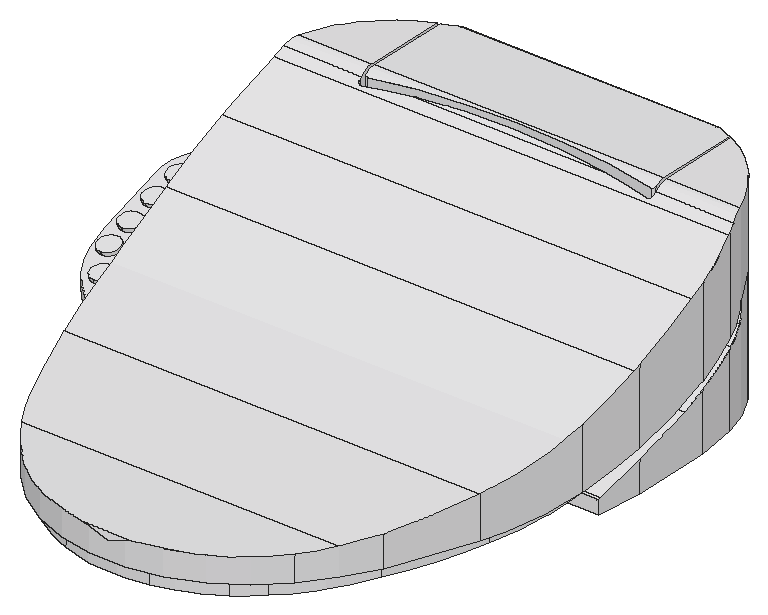
Revit family "Bidet_Seat-Elongated_Closed_Front-Cleansing-KOHLER-C3-300-K-23360T_1", category Plumbing Fixtures, host Face, Revit 2017 (continued)
Definition of nested family "K-23360T"
  Lines and regions (in)
    symbolic lines, detail levels medium+fine
      curve 107: spline (-8.20952, 0, 2.5353) -> (-8.30123, 0, 2.53279) -> (-8.38669, 0, 2.52541) -> (-8.46007, 0, 2.51368) -> (-8.51638, 0, 2.49838) -> (-8.55178, 0, 2.48058) -> (-8.56385, 0, 2.46147) -> (-8.55178, 0, 2.44236) -> (-8.51638, 0, 2.42455) -> (-8.46007, 0, 2.40926) -> (-8.38669, 0, 2.39753) -> (-8.30123, 0, 2.39015) -> (-8.20952, 0, 2.38763)
      curve 108: spline (-8.20952, 0, 2.38763) -> (-8.11782, 0, 2.39015) -> (-8.03236, 0, 2.39753) -> (-7.95897, 0, 2.40926) -> (-7.90266, 0, 2.42455) -> (-7.86727, 0, 2.44236) -> (-7.85519, 0, 2.46147) -> (-7.86727, 0, 2.48058) -> (-7.90266, 0, 2.49838) -> (-7.95897, 0, 2.51368) -> (-8.03236, 0, 2.52541) -> (-8.11782, 0, 2.53279) -> (-8.20952, 0, 2.5353)
      curve 109: spline (-8.16031, 0, 2.16203) -> (-8.0686, 0, 2.16455) -> (-7.98315, 0, 2.17192) -> (-7.90976, 0, 2.18366) -> (-7.85345, 0, 2.19895) -> (-7.81805, 0, 2.21676) -> (-7.80598, 0, 2.23587) -> (-7.81805, 0, 2.25497) -> (-7.85345, 0, 2.27278) -> (-7.90976, 0, 2.28807) -> (-7.98315, 0, 2.29981) -> (-8.0686, 0, 2.30718) -> (-8.16031, 0, 2.3097)
      curve 110: spline (-8.16031, 0, 2.3097) -> (-8.25202, 0, 2.30718) -> (-8.33748, 0, 2.29981) -> (-8.41086, 0, 2.28807) -> (-8.46717, 0, 2.27278) -> (-8.50257, 0, 2.25497) -> (-8.51464, 0, 2.23587) -> (-8.50257, 0, 2.21676) -> (-8.46717, 0, 2.19895) -> (-8.41086, 0, 2.18366) -> (-8.33748, 0, 2.17192) -> (-8.25202, 0, 2.16455) -> (-8.16031, 0, 2.16203)
      curve 111: spline (-8.98388, 0, 1.96045) -> (-8.89217, 0, 1.96297) -> (-8.80671, 0, 1.97034) -> (-8.73333, 0, 1.98208) -> (-8.67702, 0, 1.99737) -> (-8.64162, 0, 2.01517) -> (-8.62954, 0, 2.03428) -> (-8.64162, 0, 2.05339) -> (-8.67702, 0, 2.0712) -> (-8.73333, 0, 2.08649) -> (-8.80671, 0, 2.09823) -> (-8.89217, 0, 2.1056) -> (-8.98388, 0, 2.10812)
      curve 112: spline (-8.98388, 0, 2.10812) -> (-9.07558, 0, 2.1056) -> (-9.16104, 0, 2.09823) -> (-9.23443, 0, 2.08649) -> (-9.29074, 0, 2.0712) -> (-9.32613, 0, 2.05339) -> (-9.33821, 0, 2.03428) -> (-9.32613, 0, 2.01517) -> (-9.29074, 0, 1.99737) -> (-9.23443, 0, 1.98208) -> (-9.16104, 0, 1.97034) -> (-9.07558, 0, 1.96297) -> (-8.98388, 0, 1.96045)
      curve 113: spline (-8.44254, 0, 1.90047) -> (-8.53424, 0, 1.89796) -> (-8.6197, 0, 1.89058) -> (-8.69309, 0, 1.87885) -> (-8.7494, 0, 1.86356) -> (-8.78479, 0, 1.84575) -> (-8.79687, 0, 1.82664) -> (-8.78479, 0, 1.80753) -> (-8.7494, 0, 1.78972) -> (-8.69309, 0, 1.77443) -> (-8.6197, 0, 1.7627) -> (-8.53424, 0, 1.75532) -> (-8.44254, 0, 1.75281)
      curve 114: spline (-8.44254, 0, 1.75281) -> (-8.35083, 0, 1.75532) -> (-8.26537, 0, 1.7627) -> (-8.19199, 0, 1.77443) -> (-8.13568, 0, 1.78972) -> (-8.10028, 0, 1.80753) -> (-8.08821, 0, 1.82664) -> (-8.10028, 0, 1.84575) -> (-8.13568, 0, 1.86356) -> (-8.19199, 0, 1.87885) -> (-8.26537, 0, 1.89058) -> (-8.35083, 0, 1.89796) -> (-8.44254, 0, 1.90047)
      curve 115: spline (-8.1111, 0, 2.09435) -> (-8.20281, 0, 2.09183) -> (-8.28826, 0, 2.08446) -> (-8.36165, 0, 2.07273) -> (-8.41796, 0, 2.05743) -> (-8.45336, 0, 2.03963) -> (-8.46543, 0, 2.02052) -> (-8.45336, 0, 2.00141) -> (-8.41796, 0, 1.9836) -> (-8.36165, 0, 1.96831) -> (-8.28826, 0, 1.95658) -> (-8.20281, 0, 1.9492) -> (-8.1111, 0, 1.94668)
      curve 116: spline (-8.1111, 0, 1.94668) -> (-8.01939, 0, 1.9492) -> (-7.93393, 0, 1.95658) -> (-7.86055, 0, 1.96831) -> (-7.80424, 0, 1.9836) -> (-7.76884, 0, 2.00141) -> (-7.75677, 0, 2.02052) -> (-7.76884, 0, 2.03963) -> (-7.80424, 0, 2.05743) -> (-7.86055, 0, 2.07273) -> (-7.93393, 0, 2.08446) -> (-8.01939, 0, 2.09183) -> (-8.1111, 0, 2.09435)
      curve 117: line (-8.08821, 0, 1.82664) -> (-8.08821, 0, 1.64462)
      curve 118: line (-8.79687, 0, 1.82664) -> (-8.79687, 0, 1.64462)
      curve 119: spline (-8.08821, 0, 1.64462) -> (-8.10028, 0, 1.62551) -> (-8.13568, 0, 1.60771) -> (-8.19199, 0, 1.59241) -> (-8.26537, 0, 1.58068) -> (-8.35083, 0, 1.57331) -> (-8.44254, 0, 1.57079) -> (-8.53424, 0, 1.57331) -> (-8.6197, 0, 1.58068) -> (-8.69309, 0, 1.59241) -> (-8.7494, 0, 1.60771) -> (-8.78479, 0, 1.62551) -> (-8.79687, 0, 1.64462)
      curve 120: line (-7.75677, 0, 2.02052) -> (-7.75677, 0, 1.82367)
      curve 121: line (-8.46543, 0, 2.02052) -> (-8.46543, 0, 1.90032)
      curve 122: line (-8.62954, 0, 2.03428) -> (-8.62954, 0, 1.88935)
      curve 123: line (-9.33821, 0, 2.03428) -> (-9.33821, 0, 1.83743)
      curve 124: line (-9.43663, 0, 2.24963) -> (-9.43663, 0, 2.08733)
      curve 125: line (-8.72797, 0, 2.24963) -> (-8.72797, 0, 2.08733)
      curve 126: line (-8.51464, 0, 2.23587) -> (-8.51464, 0, 2.08733)
      curve 127: line (-7.80598, 0, 2.23587) -> (-7.80598, 0, 2.08733)
      curve 128: line (-8.56385, 0, 2.46147) -> (-8.56385, 0, 2.32816)
      curve 129: line (-7.85519, 0, 2.46147) -> (-7.85519, 0, 2.30752)
      curve 130: line (-8.77718, 0, 2.47523) -> (-8.77718, 0, 2.32816)
      curve 131: line (-9.48584, 0, 2.47523) -> (-9.48584, 0, 2.32816)
      curve 132: line (-9.48584, 0, 2.69058) -> (-9.48584, 0, 2.57719)
      curve 133: line (-8.77718, 0, 2.69058) -> (-8.77718, 0, 2.53567)
      curve 134: line (-8.56385, 0, 2.89216) -> (-8.56385, 0, 2.75707)
      curve 135: line (-7.85519, 0, 2.89216) -> (-7.85519, 0, 2.75707)
      curve 136: line (-7.85519, 0, 2.68707) -> (-7.85519, 0, 2.53567)
      curve 137: line (-8.56385, 0, 2.68707) -> (-8.56385, 0, 2.53567)
      curve 138: arc (-7.63931, 0, 3.06872) -> (-7.49099, 0, 2.67386) -> (-7.23606, 0, 2.33782) r 1.46101
      curve 139: line (-7.63931, 0, 3.06872) -> (-7.63931, 0, 2.47817)
      curve 140: arc (-7.63931, 0, 2.47817) -> (-7.63346, 0, 2.10397) -> (-7.61595, 0, 1.73013) r 11.98999
      curve 141: arc (-7.61595, 0, 1.73013) -> (-7.60006, 0, 1.54412) -> (-7.57571, 0, 1.35902) r 4.09671
      curve 142: line (-7.65748, 0, 1.00958) -> (-7.13563, 0, 0.9455)
      curve 143: arc (-7.40405, 0, 0.97846) -> (-7.24557, 0, 0.85672) -> (-7.0522, 0, 0.8063) r 0.50301
      curve 144: arc (-5.84394, 0, 0.89897) -> (-6.4449, 0, 0.91825) -> (-7.04595, 0, 0.93431) r 112.30857
      curve 145: arc (-7.04595, 0, 0.93431) -> (-7.09107, 0, 0.93766) -> (-7.13563, 0, 0.9455) r 0.4519
      curve 146: arc (7.75464, 0, 1.73987) -> (7.68115, 0, 1.50237) -> (7.57645, 0, 1.27687) r 1.84847
      curve 147: line (0, -20.55702, 1.06264) -> (0, -18.50652, 1.06264)
      curve 148: arc (0, -18.50652, 1.06264) -> (0, -16.55239, 1.106) -> (0, -14.60211, 1.23599) r 44.05791
      curve 149: arc (0, -14.60211, 1.23599) -> (0, -13.10896, 1.3729) -> (0, -11.61657, 1.5179) r 277.15473
      curve 150: arc (0, -11.61657, 1.5179) -> (0, -10.86968, 1.61604) -> (0, -10.13033, 1.76042) r 12.11408
      curve 151: arc (0, -10.13033, 1.76042) -> (0, -8.35233, 2.1773) -> (0, -6.57977, 2.61675) r 143.61822
      curve 152: arc (0, -6.57977, 2.61675) -> (0, -5.87991, 2.78842) -> (0, -5.17713, 2.94769) r 40.76476
      curve 153: arc (0, -5.17713, 2.94769) -> (0, -3.83625, 3.32166) -> (0, -2.54763, 3.84823) r 12.01411
      curve 154: arc (0, -2.54763, 3.84823) -> (0, -2.31862, 3.96109) -> (0, -2.09239, 4.07942) r 10.6303
      curve 155: arc (0, -2.09239, 4.07942) -> (0, -1.69592, 4.42342) -> (0, -1.48443, 4.90384) r 1.19876
      curve 156: arc (0, -1.48443, 4.90384) -> (0, -1.4424, 5.15122) -> (0, -1.41311, 5.40044) r 4.88846
      curve 157: arc (0, -1.41311, 5.40044) -> (0, -1.40726, 5.49442) -> (0, -1.40686, 5.58859) r 1.62134
      curve 158: arc (0, -1.40686, 5.58859) -> (0, -1.40827, 5.70164) -> (0, -1.40685, 5.81469) r 4.52807
      curve 159: line (0, -0.29386, 5.78302) -> (0, -2.7649, 5.78302)
      curve 160: arc (0, -2.7649, 5.78302) -> (0, -3.50097, 5.67819) -> (0, -4.17852, 5.37205) r 2.63671
      curve 161: arc (0, -4.17852, 5.37205) -> (0, -5.05227, 4.80818) -> (0, -5.91776, 4.23172) r 71.76511
      curve 162: arc (0, -5.91776, 4.23172) -> (0, -7.61914, 3.2638) -> (0, -9.44968, 2.57048) r 12.62678
      curve 163: arc (0, -9.44968, 2.57048) -> (0, -10.81781, 2.2121) -> (0, -12.204, 1.93162) r 25.01177
      curve 164: arc (0, -12.204, 1.93162) -> (0, -13.42985, 1.74432) -> (0, -14.66213, 1.60558) r 31.39964
      curve 165: arc (0, -14.66213, 1.60558) -> (0, -15.98788, 1.49158) -> (0, -17.31502, 1.3951) r 100.80254
      curve 166: arc (0, -17.31502, 1.3951) -> (0, -18.18538, 1.34671) -> (0, -19.05656, 1.3165) r 41.76877
      curve 167: arc (0, -19.05656, 1.3165) -> (0, -19.72903, 1.30252) -> (0, -20.40158, 1.29316) r 97.79012
      curve 168: line (0, -20.44785, 1.11369) -> (0, -20.40001, 1.29925)
      curve 169: line (0, -20.37072, 1.33268) -> (0, -20.16243, 1.54096)
      curve 170: arc (0, -20.40001, 1.29925) -> (0, -20.38934, 1.31945) -> (0, -20.37072, 1.33268) r 0.04934
      curve 171: arc (0, -20.47757, 1.07381) -> (0, -20.45879, 1.09083) -> (0, -20.44785, 1.11369) r 0.06569
      curve 172: line (0, -0.87169, 0.39921) -> (0, -0.89842, 0.70472)
      curve 173: line (0, -1.1676, 0.39921) -> (0, -1.19433, 0.70472)
      curve 174: spline (0, -1.19433, 0.70472) -> (0, -1.18928, 0.77824) -> (0, -1.1745, 0.84675) -> (0, -1.15099, 0.90558) -> (0, -1.12035, 0.95072) -> (0, -1.08466, 0.9791) -> (0, -1.04637, 0.98878) -> (0, -1.00808, 0.9791) -> (0, -0.97239, 0.95072) -> (0, -0.94175, 0.90558) -> (0, -0.91824, 0.84675) -> (0, -0.90346, 0.77824) -> (0, -0.89842, 0.70472)
      curve 175: line (0, -11.87895, 0.93336) -> (0, -3.72538, 2.81576)
      curve 176: line (0, -11.87895, 1.27729) -> (0, -11.87895, 0.93336)
      curve 177: line (0, -3.72538, 3.15969) -> (0, -4.92287, 2.88323)
      curve 178: line (0, -3.72538, 2.81576) -> (0, -3.72538, 3.15969)
      curve 179: line (0, -4.9405, 2.966) -> (0, -5.63361, 2.81833)
      curve 180: line (0, -5.61347, 2.7238) -> (0, -5.63361, 2.81833)
      curve 181: line (0, -4.92287, 2.88323) -> (0, -4.9405, 2.966)
      curve 182: line (0, -6.57263, 2.50236) -> (0, -6.87518, 2.43251)
      curve 183: line (0, -5.61347, 2.7238) -> (0, -5.88203, 2.66179)
      curve 184: line (0, -6.57263, 2.50236) -> (0, -6.59117, 2.58936)
      curve 185: line (0, -5.88203, 2.66179) -> (0, -5.90315, 2.7609)
      curve 186: line (0, -5.90315, 2.7609) -> (0, -6.59117, 2.58936)
      curve 187: line (0, -7.62939, 2.25838) -> (0, -7.92923, 2.18916)
      curve 188: line (0, -6.87518, 2.43251) -> (0, -6.89964, 2.52952)
      curve 189: line (0, -7.62939, 2.25838) -> (0, -7.6506, 2.3444)
      curve 190: line (0, -6.89964, 2.52952) -> (0, -7.6506, 2.3444)
      curve 191: line (0, -8.68279, 2.01519) -> (0, -8.93493, 1.95697)
      curve 192: line (0, -7.92923, 2.18916) -> (0, -7.94982, 2.27345)
      curve 193: line (0, -8.68279, 2.01519) -> (0, -8.6985, 2.0889)
      curve 194: line (0, -8.93493, 1.95697) -> (0, -8.95013, 2.02832)
      curve 195: line (0, -9.68991, 1.78267) -> (0, -9.70423, 1.84986)
      curve 196: line (0, -7.94982, 2.27345) -> (0, -8.6985, 2.0889)
      curve 197: line (0, -8.95013, 2.02832) -> (0, -9.70423, 1.84986)
      curve 198: line (0, -9.68991, 1.78267) -> (0, -9.98602, 1.71431)
      curve 199: line (0, -9.98602, 1.71431) -> (0, -10.00122, 1.78566)
      curve 200: line (0, -10.741, 1.54001) -> (0, -10.75531, 1.6072)
      curve 201: line (0, -10.00122, 1.78566) -> (0, -10.75531, 1.6072)
      curve 202: line (0, -10.741, 1.54001) -> (0, -11.87895, 1.27729)
      curve 203: line (0, -4.92287, 2.88323) -> (0, -5.61347, 2.7238)
      curve 204: line (0, -5.88203, 2.66179) -> (0, -6.57263, 2.50236)
      curve 205: line (0, -6.87518, 2.43251) -> (0, -7.62939, 2.25838)
      curve 206: line (0, -7.92923, 2.18916) -> (0, -8.68279, 2.01519)
      curve 207: line (0, -9.98602, 1.71431) -> (0, -10.741, 1.54001)
      curve 208: line (0, -8.93493, 1.95697) -> (0, -9.68991, 1.78267)
      curve 209: arc (0, -20.59291, 1.09578) -> (0, -20.58144, 1.07219) -> (0, -20.55702, 1.06264) r 0.03601
      curve 210: arc (0, -20.50845, 1.06264) -> (0, -20.49246, 1.06672) -> (0, -20.47757, 1.07381) r 0.08478
      curve 211: line (0, -6.44053, 1.6219) -> (0, -5.05191, 2.11467)
      curve 212: arc (0, -5.05191, 2.11467) -> (0, -4.59792, 2.28136) -> (0, -4.14766, 2.45788) r 22.23331
      curve 213: arc (0, -4.14766, 2.45788) -> (0, -3.88224, 2.59399) -> (0, -3.64523, 2.7751) r 1.67185
      curve 214: arc (0, -3.64523, 2.7751) -> (0, -3.43805, 3.04994) -> (0, -3.34299, 3.38072) r 0.9454
      curve 215: arc (0, -3.34299, 3.38072) -> (0, -3.3377, 3.44343) -> (0, -3.33401, 3.50626) r 2.47877
      curve 216: line (0, -20.39606, 0.75877) -> (0, -18.03385, 0.75877)
      curve 217: arc (0, -18.03385, 0.75877) -> (0, -16.04326, 0.79764) -> (0, -14.05571, 0.91417) r 50.99685
      curve 218: arc (0, -14.05571, 0.91417) -> (0, -12.9633, 1.03004) -> (0, -11.87895, 1.20597) r 19.91383
      curve 219: arc (0, -12.6311, 0.14764) -> (0, -11.86386, 0.29257) -> (0, -11.10551, 0.47851) r 14.52895
      curve 220: line (0, -16.60379, 0.14764) -> (0, -18.37544, 0.14764)
      curve 221: line (0, -0.01171, 0.39921) -> (0, -5.78549, 0.39921)
      curve 222: line (0, -9.71067, 0.39921) -> (0, -9.81032, 0.40968)
      curve 223: line (0, -6.74021, 0.68439) -> (0, -6.74021, 0)
      curve 224: spline (0, -5.78268, 0.68453) -> (0, -5.80385, 0.80439) -> (0, -5.85439, 0.91508) -> (0, -5.93108, 1.00953) -> (0, -6.029, 1.08167) -> (0, -6.14187, 1.12689) -> (0, -6.26246, 1.14228) -> (0, -6.38306, 1.12688) -> (0, -6.49593, 1.08165) -> (0, -6.59384, 1.0095) -> (0, -6.67053, 0.91505) -> (0, -6.72107, 0.80435) -> (0, -6.74223, 0.68449)
      curve 225: line (0, -5.78549, 0) -> (0, -5.78549, 0.68439)
      curve 226: line (0, -6.74021, 0.39921) -> (0, -9.71067, 0.39921)
      curve 227: arc (-7.55282, -4.89341, 0) -> (-7.60109, -5.95731, 0) -> (-7.65296, -7.02104, 0) r 314.62032
      curve 228: arc (-7.48688, -4.03124, 0) -> (-7.5269, -4.46178, 0) -> (-7.55282, -4.89341, 0) r 13.23134
  Dimensions and locks (in)
    plane 6 to plane 1 "Center (Front/Back)" = 20.59055"
    plane 8 to plane 2 = 6.30709"
    plane 9 to plane 6 = 16.09055"
    plane 10 to level = 1.55118"
    plane 5 to plane 4 = 17.5315"
    aligned and locked: plane 2 to level
Types (3): name | Type | Product Page URL | Model | Description
  (no name) | 1 | "https://www.kohler.com.cn/product/K-23360T-0/K-23360T-0/" | "K-23360T-0" | "Qingshubao Smart Toilet Cover"
  0-White | 1 | "https://www.kohler.com.cn/product/K-23360T-0/K-23360T-0/" | "K-23360T-0" | "Qingshubao Smart Toilet Cover"
  Hidden Chord, 0-White | 2 | "https://www.kohler.com.cn/product/K-23360T-HC-0/K-23360T-HC-0/" | "K-23360T-HC-0" | "Qingshubao Smart Toilet Cover (Combined Version)"
